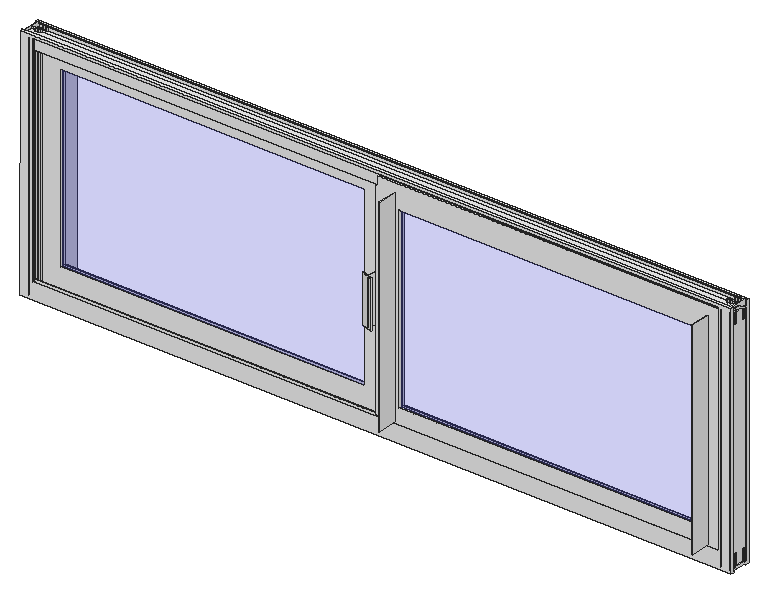
Revit family "WAL_A3-Classic-Horizontal-Slider-1800x600-SW186", category Windows, host Wall, Revit 2016
Family settings
  Host = Wall
  Always vertical = Yes
  Cut with Voids When Loaded = No
  Shared = No
  Room Calculation Point = No
Parameters (values of type "1800 x 600 SW186 Classical Horizontal Slider")
  URL = "www.agi.co.za"
  Model = "Slider"
  Manufacturer Code = "SW186"
  Manufacturer = "AGI Aluminium"
  Height = 600 mm
  Glass Material = Glass
  Frame Material = Metal Aluminium
  Description = "Classic Horizontal Slider"
  Default Sill Height = 800 mm
  Wall Closure = By host
  Width = 1800 mm
  Assembly Code = "B2020110"
Reference planes
  plane 1 "Center": y = 0
  plane 2 "Center (Left/Right)": x = 0
  plane 3 "Left": x = -900
  plane 4 "Right": x = 900
  plane 5 "Sill": z = 800
  plane 6 "Head": z = 1400
  plane 7 "Exterior": y = 75
  plane 8 "Interior": y = -75
  plane 9: z = 1100
Forms (mm)
  Sweep 1, solid, material "Metal Aluminium" <- "Frame Material", detail levels medium+fine
    path origin (0, 0, 0) x (1, 0, 0) y (0, 0, 1)
      loop
        line (900, 1400) -> (-900, 1400)
    profile "Top Frame : Top Frame" origin (0, 0, 1400) x (0, 0, -1) y (0, -1, 0)
      loop
        line (0, -21) -> (0, -27) -> (40, -27) -> (40, -25) -> (14.96, -25) -> (14.96, -14) -> (40, -14) -> (40, -12) -> (14.96, -12) -> (9.96, -3.34) -> (9.96, 3.34) -> (14.96, 12) -> (40, 12) -> (40, 14) -> (13.805, 14) -> (7.96, 3.876) -> (7.96, 1) -> (5.96, 1) -> (5.96, 27) -> (0, 27) -> (0, 21) -> (2, 21) -> (2, 25) -> (3.96, 25) -> (3.96, -1) -> (7.96, -1) -> (7.96, -3.876) -> (12.96, -12.536) -> (12.96, -25) -> (2, -25) -> (2, -21) -> (0, -21)
  Sweep 2, solid, material "Metal Aluminium" <- "Frame Material", detail levels medium+fine
    path origin (0, 0, 0) x (1, 0, 0) y (0, 0, 1)
      loop
        line (900, 800) -> (-900, 800)
    profile "Bottom Frame : Bottom Frame" origin (0, 0, 800) x (0, 0, -1) y (0, -1, 0)
      loop
        line (0, -27) -> (0, -20) -> (-2, -20) -> (-2, -25) -> (-4, -25) -> (-4, 25) -> (-2, 25) -> (-2, 20) -> (0, 20) -> (0, 27) -> (-40, 27) -> (-40, 25) -> (-6, 25) -> (-6, 14) -> (-40, 14) -> (-40, 12) -> (-10, 12) -> (-10, -12) -> (-40, -12) -> (-40, -14) -> (-6, -14) -> (-6, -25) -> (-40, -25) -> (-40, -27) -> (0, -27)
  Sweep 3, solid, material "Metal Aluminium" <- "Frame Material", detail levels medium+fine
    path origin (0, 0, 0) x (1, 0, 0) y (0, 0, 1)
      loop
        line (900, 1400) -> (900, 800)
    profile "Side Frame : Side Frame" origin (900, 0, 1100) x (1, 0, 0) y (0, -1, 0)
      loop
        line (0, -27) -> (0, -21) -> (-2, -21) -> (-2, -25) -> (-4, -25) -> (-4, 24.998) -> (-2, 24.998) -> (-2, 20.998) -> (0, 20.998) -> (0, 26.998) -> (-31, 26.998) -> (-31, 24.998) -> (-29, 24.998) -> (-29, 21.689) -> (-27, 21.689) -> (-27, 24.998) -> (-21.044, 24.998) -> (-21.044, 21.689) -> (-19.044, 21.689) -> (-19.044, 24.998) -> (-6, 24.998) -> (-6, 0.998) -> (-19.044, 0.998) -> (-19.044, 4.487) -> (-21.044, 4.487) -> (-21.044, 0.998) -> (-27, 0.998) -> (-27, 4.487) -> (-29, 4.487) -> (-29, 0.998) -> (-31, 0.998) -> (-31, -1.002) -> (-29, -1.002) -> (-29, -4.915) -> (-27, -4.915) -> (-27, -1.002) -> (-21.044, -1.002) -> (-21.044, -4.915) -> (-19.044, -4.915) -> (-19.044, -1.002) -> (-6, -1.002) -> (-6, -25) -> (-19.044, -25) -> (-19.044, -21.362) -> (-21.044, -21.362) -> (-21.044, -25) -> (-27, -25) -> (-27, -21.362) -> (-29, -21.362) -> (-29, -25) -> (-31, -25) -> (-31, -27) -> (0, -27)
  Sweep 4, solid, material "Metal Aluminium" <- "Frame Material", detail levels medium+fine
    path origin (0, 0, 0) x (1, 0, 0) y (0, 0, 1)
      loop
        line (-900, 800) -> (-900, 1400)
    profile "Side Frame : Side Frame" origin (-900, 0, 1100) x (-1, 0, 0) y (0, -1, 0)
      loop
        line (0, -27) -> (0, -21) -> (-2, -21) -> (-2, -25) -> (-4, -25) -> (-4, 24.998) -> (-2, 24.998) -> (-2, 20.998) -> (0, 20.998) -> (0, 26.998) -> (-31, 26.998) -> (-31, 24.998) -> (-29, 24.998) -> (-29, 21.689) -> (-27, 21.689) -> (-27, 24.998) -> (-21.044, 24.998) -> (-21.044, 21.689) -> (-19.044, 21.689) -> (-19.044, 24.998) -> (-6, 24.998) -> (-6, 0.998) -> (-19.044, 0.998) -> (-19.044, 4.487) -> (-21.044, 4.487) -> (-21.044, 0.998) -> (-27, 0.998) -> (-27, 4.487) -> (-29, 4.487) -> (-29, 0.998) -> (-31, 0.998) -> (-31, -1.002) -> (-29, -1.002) -> (-29, -4.915) -> (-27, -4.915) -> (-27, -1.002) -> (-21.044, -1.002) -> (-21.044, -4.915) -> (-19.044, -4.915) -> (-19.044, -1.002) -> (-6, -1.002) -> (-6, -25) -> (-19.044, -25) -> (-19.044, -21.362) -> (-21.044, -21.362) -> (-21.044, -25) -> (-27, -25) -> (-27, -21.362) -> (-29, -21.362) -> (-29, -25) -> (-31, -25) -> (-31, -27) -> (0, -27)
  Sweep 5, solid, material "Metal Aluminium" <- "Frame Material", detail levels medium+fine
    path origin (0, 0, 0) x (1, 0, 0) y (0, 0, 1)
      loop
        line (0, 800) -> (-869, 800)
    profile "Bottom slide L : Bottom slide L" origin (-434.5, 0, 800) x (0, 0, -1) y (0, -1, 0)
      loop
        line (-16, -20) -> (-16, -17) -> (-46, -17) -> (-46, -9) -> (-16, -9) -> (-16, -6) -> (-76, -6) -> (-76, -9.523) -> (-66, -9.523) -> (-66, -15.994) -> (-76, -15.994) -> (-76, -20) -> (-16, -20)
  Sweep 6, solid, material "Metal Aluminium" <- "Frame Material", detail levels medium+fine
    path origin (0, 0, 0) x (1, 0, 0) y (0, 0, 1)
      loop
        line (0, 1400) -> (-869, 1400)
    profile "Top slide L : Top slide L" origin (-434.5, 0, 1400) x (0, 0, -1) y (0, -1, 0)
      loop
        line (16, -20) -> (76, -20) -> (76, -15.994) -> (66, -15.994) -> (66, -9.523) -> (76, -9.523) -> (76, -6) -> (16, -6) -> (16, -9) -> (46, -9) -> (46, -17) -> (16, -17) -> (16, -20)
  Sweep 7, solid, material "Metal Aluminium" <- "Frame Material", detail levels medium+fine
    path origin (0, 0, 0) x (1, 0, 0) y (0, 0, 1)
      loop
        line (-900, 840) -> (-900, 1360)
    profile "Side slide L : Side slide L" origin (-900, 0, 1100) x (-1, 0, 0) y (0, -1, 0)
      loop
        line (-16, -19.998) -> (-16, -16.998) -> (-46, -16.998) -> (-46, -8.998) -> (-16, -8.998) -> (-16, -5.998) -> (-22, -5.998) -> (-22, -1.637) -> (-26, -1.637) -> (-26, -5.998) -> (-76, -5.998) -> (-76, -9.521) -> (-66, -9.521) -> (-66, -15.992) -> (-76, -15.992) -> (-76, -19.998) -> (-66, -19.998) -> (-66, -69.998) -> (-64, -69.998) -> (-64, -19.998) -> (-26, -19.998) -> (-26, -23.79) -> (-22, -23.79) -> (-22, -19.998) -> (-16, -19.998)
  Sweep 8, solid, material "Metal Aluminium" <- "Frame Material", detail levels medium+fine
    path origin (0, 0, 0) x (1, 0, 0) y (0, 0, 1)
      loop
        line (0, 1360) -> (0, 840)
    profile "Mid slide L : Mid slide L" origin (0, 0, 1100) x (1, 0, 0) y (0, -1, 0)
      loop
        line (-43.5, -15.992) -> (-53.5, -15.992) -> (-53.5, -19.998) -> (-43.5, -19.998) -> (-43.5, -69.998) -> (-41.5, -69.998) -> (-41.5, -19.998) -> (6.5, -19.998) -> (6.5, -16.998) -> (-23.5, -16.998) -> (-23.5, -8.998) -> (6.5, -8.998) -> (6.5, 3.5) -> (-3.5, 3.5) -> (-3.5, 0.5) -> (3.5, 0.5) -> (3.5, -5.998) -> (-53.5, -5.998) -> (-53.5, -9.521) -> (-43.5, -9.521) -> (-43.5, -15.992)
  Sweep 9, solid, material "Metal Aluminium" <- "Frame Material", detail levels medium+fine
    path origin (0, 0, 0) x (1, 0, 0) y (0, 0, 1)
      loop
        line (900, 1360) -> (900, 840)
    profile "Side slide R : Side slide R" origin (900, 0, 1100) x (1, 0, 0) y (0, -1, 0)
      loop
        line (-16, 19.998) -> (-22, 19.998) -> (-22, 23.79) -> (-26, 23.79) -> (-26, 19.998) -> (-64, 19.998) -> (-64, 69.998) -> (-66, 69.998) -> (-66, 19.998) -> (-76, 19.998) -> (-76, 15.992) -> (-66, 15.992) -> (-66, 9.521) -> (-76, 9.521) -> (-76, 5.998) -> (-26, 5.998) -> (-26, 1.637) -> (-22, 1.637) -> (-22, 5.998) -> (-16, 5.998) -> (-16, 8.998) -> (-46, 8.998) -> (-46, 16.998) -> (-16, 16.998) -> (-16, 19.998)
  Sweep 10, solid, material "Metal Aluminium" <- "Frame Material", detail levels medium+fine
    path origin (0, 0, 0) x (1, 0, 0) y (0, 0, 1)
      loop
        line (869, 1400) -> (0, 1400)
    profile "Top slide R : Top slide R" origin (434.5, 0, 1400) x (0, 0, -1) y (0, -1, 0)
      loop
        line (16, 20) -> (16, 17) -> (46, 17) -> (46, 9) -> (16, 9) -> (16, 6) -> (76, 6) -> (76, 9.523) -> (66, 9.523) -> (66, 15.994) -> (76, 15.994) -> (76, 20) -> (16, 20)
  Sweep 11, solid, material "Metal Aluminium" <- "Frame Material", detail levels medium+fine
    path origin (0, 0, 0) x (1, 0, 0) y (0, 0, 1)
      loop
        line (869, 800) -> (0, 800)
    profile "Bottom slide R : Bottom slide R" origin (434.5, 0, 800) x (0, 0, -1) y (0, -1, 0)
      loop
        line (-16, 20) -> (-76, 20) -> (-76, 15.994) -> (-66, 15.994) -> (-66, 9.523) -> (-76, 9.523) -> (-76, 6) -> (-16, 6) -> (-16, 9) -> (-46, 9) -> (-46, 17) -> (-16, 17) -> (-16, 20)
  Sweep 12, solid, material "Metal Aluminium" <- "Frame Material", detail levels medium+fine
    path origin (0, 0, 0) x (1, 0, 0) y (0, 0, 1)
      loop
        line (0, 1360) -> (0, 840)
    profile "Mid slide R : Mid slide R" origin (0, 0, 1100) x (1, 0, 0) y (0, -1, 0)
      loop
        line (43.5, 15.992) -> (53.5, 15.992) -> (53.5, 19.998) -> (43.5, 19.998) -> (43.5, 69.998) -> (41.5, 69.998) -> (41.5, 19.998) -> (-6.5, 19.998) -> (-6.5, 16.998) -> (23.5, 16.998) -> (23.5, 8.998) -> (-6.5, 8.998) -> (-6.5, -3.5) -> (3.5, -3.5) -> (3.5, -0.5) -> (-3.5, -0.5) -> (-3.5, 5.998) -> (53.5, 5.998) -> (53.5, 9.521) -> (43.5, 9.521) -> (43.5, 15.992)
  Sweep 13, solid, material "Metal Aluminium" <- "Frame Material", detail levels medium+fine
    path origin (0, 0, 0) x (1, 0, 0) y (0, 0, 1)
      loop
        line (0, 1160) -> (0, 1040)
    profile "Handle : Handle" origin (0, 0, 1100) x (1, 0, 0) y (0, -1, 0)
      loop
        line (-8.5, -4.993) -> (-8.5, 10.998) -> (21.5, 10.998) -> (21.5, 14.998) -> (-8.529, 14.998) -> (-12.187, 35.744) -> (0, 40.18) -> (-0.702, 42.108) -> (-30.363, 31.312) -> (-29.679, 29.433) -> (-14.105, 35.101) -> (-10.5, 14.658) -> (-10.5, -4.993) -> (-8.5, -4.993)
  Extrusion 14, solid, material "Glass" <- "Glass Material", detail levels medium+fine
    sketch origin (0, 0, 0) x (1, 0, 0) y (0, 1, 0)
      loop
        line (-834, 15.994) -> (-834, 9.523) -> (-43.5, 9.523) -> (-43.5, 15.994) -> (-834, 15.994)
    from 866 to 1334
  Extrusion 15, solid, material "Glass" <- "Glass Material", detail levels medium+fine
    sketch origin (0, 0, 0) x (1, 0, 0) y (0, 1, 0)
      loop
        line (43.5, -9.521) -> (43.5, -15.992) -> (834, -15.992) -> (834, -9.521) -> (43.5, -9.521)
    from 866 to 1334
Cuts and joins
  joined: Sweep 1, Sweep 2, Sweep 3, Sweep 4
  joined: Sweep 5, Sweep 6, Sweep 7, Sweep 8
  joined: Sweep 9, Sweep 10, Sweep 11, Sweep 12
Lines and regions (mm)
  Opening 1
    outline origin (3500, -75, 0) x (1, 0, 0) y (0, 0, 1)
      loop
        line (-2600, 800) -> (-2600, 1400) -> (-4400, 1400) -> (-4400, 800) -> (-2600, 800)
  symbolic lines
    curve 1: line (370.204, 0, 1209.758) -> (370.204, 0, 1027.043)
    curve 2: line (370.204, 0, 1209.758) -> (278.847, 0, 1118.401)
    curve 3: line (370.204, 0, 1027.043) -> (278.847, 0, 1118.401)
    curve 4: line (-367.796, 0, 1209.758) -> (-367.796, 0, 1027.043)
    curve 5: line (-367.796, 0, 1209.758) -> (-276.439, 0, 1118.401)
    curve 6: line (-367.796, 0, 1027.043) -> (-276.439, 0, 1118.401)
Text (mm)
  text "EXTERIOR" at (-1963.203, 1332.353, 0), in view "Ref. Level"
  text "INTERIOR" at (-1981.466, -818.386, 0), in view "Ref. Level"
  text "Exterior" at (0, 923.751, 2943.296), in view "Right"
  text "Exterior" at (0, 1040.484, 2685.409), in view "Left"
Dimensions and locks
  equal spacing: plane 3 "Left", plane 2 "Center (Left/Right)", plane 4 "Right"
  "Width": plane 3 "Left" to plane 4 "Right"
  "Height": plane 5 "Sill" to plane 6 "Head"
  "Default Sill Height": plane 5 "Sill" to level
  locked: plane 7 "Exterior" to host wall at 0
  locked: plane 8 "Interior" to host wall
  equal spacing: plane 6 "Head", plane 9, plane 5 "Sill"
  equal spacing: Sweep 13 sketch curve, plane 9, Sweep 13 sketch curve
  locked: Sweep 13 sketch curve to Sweep 13 sketch curve at 120
  aligned and locked: Extrusion 14 sketch curve to cut or joined group of Sweep 5, Sweep 6, Sweep 7, Sweep 8
  aligned and locked: cut or joined group of Sweep 5, Sweep 6, Sweep 7, Sweep 8 to Extrusion 14 sketch curve  (x3)
  aligned and locked: Extrusion 14 to cut or joined group of Sweep 5, Sweep 6, Sweep 7, Sweep 8  (x2)
  aligned and locked: Extrusion 15 sketch curve to cut or joined group of Sweep 9, Sweep 10, Sweep 11, Sweep 12  (x2)
  aligned and locked: cut or joined group of Sweep 9, Sweep 10, Sweep 11, Sweep 12 to Extrusion 15 sketch curve  (x2)
  aligned and locked: Extrusion 15 to cut or joined group of Sweep 9, Sweep 10, Sweep 11, Sweep 12  (x2)
  aligned and locked: plane 2 "Center (Left/Right)" to Sweep 5 sketch curve
  aligned and locked: Sweep 5 sketch curve to cut or joined group of Sweep 1, Sweep 2, Sweep 3, Sweep 4
Automatic sketch dimensions
  Opening 1 sketch curve to plane 3 "Left" = 0 mm
  Opening 1 sketch curve to plane 4 "Right" = 0 mm
  Opening 1 sketch curve to plane 5 "Sill" = 0 mm
  Opening 1 sketch curve to plane 6 "Head" = 0 mm
  Sweep 1 sketch curve to plane 3 "Left" = 0 mm
  plane 4 "Right" to Sweep 1 sketch curve = 0 mm
  plane 6 "Head" to Sweep 1 sketch curve = 0 mm
  Sweep 2 sketch curve to plane 3 "Left" = 0 mm
  plane 4 "Right" to Sweep 2 sketch curve = 0 mm
  Sweep 2 sketch curve to plane 5 "Sill" = 0 mm
  plane 4 "Right" to Sweep 3 sketch curve = 0 mm
  Sweep 3 sketch curve to plane 5 "Sill" = 0 mm
  plane 6 "Head" to Sweep 3 sketch curve = 0 mm
  Sweep 4 sketch curve to plane 3 "Left" = 0 mm
  Sweep 4 sketch curve to plane 5 "Sill" = 0 mm
  plane 6 "Head" to Sweep 4 sketch curve = 0 mm
  Sweep 5 sketch curve to plane 5 "Sill" = 0 mm
  Sweep 6 sketch curve to plane 2 "Center (Left/Right)" = 0 mm
  Sweep 6 sketch curve to plane 3 "Left" = 31 mm
  plane 6 "Head" to Sweep 6 sketch curve = 0 mm
  Sweep 7 sketch curve to plane 3 "Left" = 0 mm
  Sweep 7 sketch curve to plane 5 "Sill" = 40 mm
  plane 6 "Head" to Sweep 7 sketch curve = 40 mm
  Sweep 8 sketch curve to plane 2 "Center (Left/Right)" = 0 mm
  Sweep 8 sketch curve to plane 5 "Sill" = 40 mm
  plane 6 "Head" to Sweep 8 sketch curve = 40 mm
  plane 4 "Right" to Sweep 9 sketch curve = 0 mm
  Sweep 9 sketch curve to plane 5 "Sill" = 40 mm
  plane 6 "Head" to Sweep 9 sketch curve = 40 mm
  plane 2 "Center (Left/Right)" to Sweep 10 sketch curve = 0 mm
  plane 4 "Right" to Sweep 10 sketch curve = 31 mm
  plane 6 "Head" to Sweep 10 sketch curve = 0 mm
  plane 2 "Center (Left/Right)" to Sweep 11 sketch curve = 0 mm
  plane 4 "Right" to Sweep 11 sketch curve = 31 mm
  Sweep 11 sketch curve to plane 5 "Sill" = 0 mm
  plane 2 "Center (Left/Right)" to Sweep 12 sketch curve = 0 mm
  Sweep 12 sketch curve to plane 5 "Sill" = 40 mm
  plane 6 "Head" to Sweep 12 sketch curve = 40 mm
  plane 2 "Center (Left/Right)" to Sweep 13 sketch curve = 0 mm
  plane 9 to curve 3 = 18.401 mm
  plane 9 to curve 5 = 18.401 mm
  curve 1 to plane 9 = 72.957 mm
  curve 6 to plane 9 = 72.957 mm
  curve 6 to plane 2 "Center (Left/Right)" = 367.796 mm
  curve 6 to curve 5 = 91.357 mm
  plane 2 "Center (Left/Right)" to curve 2 = 278.847 mm
  curve 2 to curve 1 = 91.357 mm
